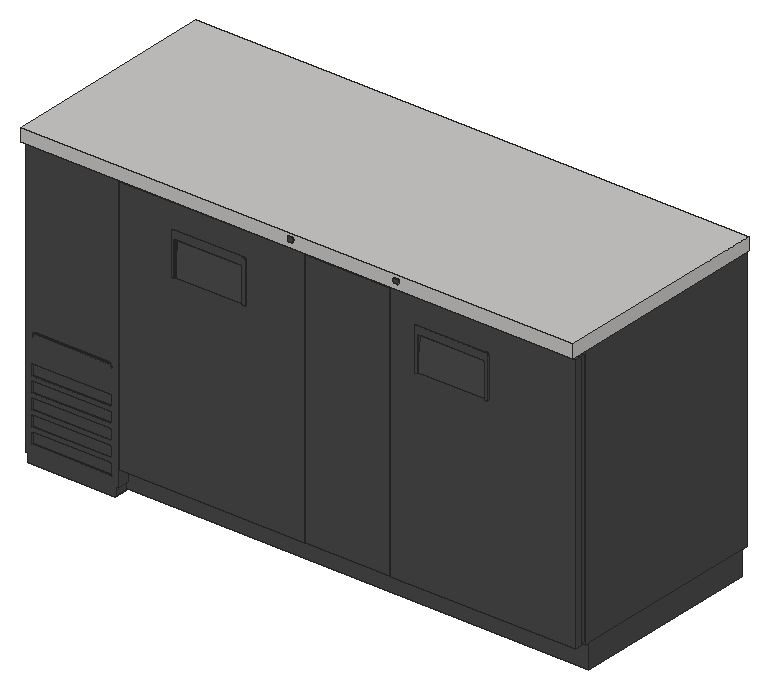
Revit family "QF_EVEREST_EBB69", category Specialty Equipment, Revit 2015 (continued)
Definition of nested family "EBB69"
  Automatic sketch dimensions
    plane 14 to curve 8 = 1 mm
    curve 7 to plane 12 = 272.474 mm
    curve 8 to plane 5 "FRONT" = 17.5 mm
    curve 7 to curve 6 = 0 mm
    curve 6 to curve 8 = 269.53 mm
    curve 8 to curve 5 = 83.285 mm
    plane 14 to curve 5 = 7.292 mm
    Extrusion 10 to Extrusion 11 sketch curve = 24.498 mm
    Extrusion 10 to Extrusion 11 sketch curve = 345.456 mm
    Extrusion 11 sketch curve to Extrusion 11 sketch curve = 7.434 mm
    Extrusion 11 sketch curve to Extrusion 11 sketch curve = 2.566 mm  (x2)
    Extrusion 11 sketch curve to Extrusion 11 sketch curve = 7.436 mm  (x2)
    Extrusion 10 to Extrusion 11 sketch curve = 19.5 mm  (x2)
    Extrusion 11 sketch curve to Extrusion 11 sketch curve = 73.02 mm
    Extrusion 11 sketch curve to Extrusion 11 sketch curve = 5 mm  (x12)
    Extrusion 11 sketch curve to Extrusion 11 sketch curve = 30 mm  (x4)
    Extrusion 11 sketch curve to Extrusion 11 sketch curve = 13 mm  (x4)
    Extrusion 10 to Extrusion 11 sketch curve = 14.5 mm  (x6)
    Extrusion 10 to Extrusion 11 sketch curve = 28 mm
    Extrusion 11 sketch curve to Extrusion 11 sketch curve = 0.002 mm  (x2)
    Extrusion 10 to Extrusion 11 sketch curve = 26.502 mm
    Extrusion 11 sketch curve to Extrusion 11 sketch curve = 0 mm  (x2)
    Split face 1 sketch curve to cut or joined group of Extrusion 10, Extrusion 11 = 7.915 mm
    radius of Extrusion 14 sketch curve = 20 mm
Definition of nested family "CASTERS & LEGS"
  Parameters (values of type "CASTERS & LEGS")
    Weight = ""
    URL Manufacturer = ""
    URL Cutsheet = ""
    URL = ""
    Type Mark [instance] = ""
    Specification by User [instance] = ""
    Specification by Manufacturer = ""
    Show 6"  Legs [instance] = no
    Show 5" Casters [instance] = yes
    Show 3.5 Inches Legs [instance] = no
    Serial Number = ""
    Seismic Rating = ""
    SMACNA No = ""
    Revision Code [instance] = ""
    Omniclass Number and Title = ""
    NAFEM Spec ID Number = ""
    Model = ""
    MasterSpec. = ""
    Manufacturer = ""
    Item Number [instance] = ""
    Installed By [instance] = ""
    Identify Quantity as Lot [instance] = yes
    Furnished By [instance] = ""
    Foodservice Equipment Identifier [instance] = yes
    Description = ""
    CSI MasterFormat = ""
    CSI Master Format = ""
    Assembly Code = ""
    Show 3 Inches Casters [instance] = yes
  Reference planes
    plane 1: z = 0
    plane 2 "RIGHT": x = 0
    plane 3 "FRONT": y = 0
    plane 4 "TOP": z = 127
    plane 5: z = 76.2
  Forms (mm)
    Revolve 1, solid, visible <- "Show 5" Casters"
      sketch origin (-49.224, 25.364, -25.504) x (1, 0, 0) y (0, 0, 1)
        loop
          line (18.81, 76.304) -> (18.81, 74.386) -> (20.08, 73.116) -> (21.604, 73.116) -> (21.604, 70.067) -> (31.369, 70.067) -> (31.369, 65.181) -> (34.939, 63.12) -> (37.88, 44.951) -> (34.131, 44.951) -> (34.131, 38.998) -> (34.925, 38.998) -> (34.925, 25.504) -> (63.103, 25.504) -> (63.103, 38.998) -> (63.897, 38.998) -> (63.897, 44.951) -> (60.148, 44.951) -> (63.103, 63.209) -> (66.659, 65.262) -> (66.659, 70.067) -> (77.218, 70.067) -> (77.218, 73.116) -> (78.742, 73.116) -> (80.012, 74.386) -> (80.012, 76.304) -> (18.81, 76.304)
        axis (18.81, 76.304) -> (80.012, 76.304)
      angle from 0 to 360
    Extrusion 2, solid, visible <- "Show 5" Casters"
      sketch origin (-49.224, 49.87, -19.154) x (0, 1, 0) y (0, 0, 1)
        loop
          line (-85.786, 135.49) -> (-85.786, 125.149) -> (-63.321, 125.149)
          arc (-63.321, 125.149) -> (-37.391, 124.905) -> (-11.779, 120.85) r 175.807
          arc (-11.779, 120.85) -> (3.607, 115.163) -> (17.14, 105.894) r 66.729
          line (17.14, 105.894) -> (20.005, 109.985)
          arc (20.005, 109.985) -> (12.217, 116.012) -> (3.375, 120.348) r 48.686
          line (3.375, 120.348) -> (5.384, 123.823)
          arc (5.384, 123.823) -> (-4.003, 127.534) -> (-13.953, 129.229) r 48.686
          line (-13.953, 129.229) -> (-13.953, 135.49) -> (-85.786, 135.49)
      from 29.809 to 68.639
    Revolve 3, solid, visible <- "Show 5" Casters"
      sketch origin (0, 54.748, -31.75) x (0, 1, 0) y (0, 0, 1)
        loop
          line (-56.335, 158.75) -> (-56.335, 148.085) -> (-26.871, 148.085) -> (-26.871, 158.75) -> (-56.335, 158.75)
        axis (-56.335, 148.085) -> (-56.335, 158.75)
      angle from 0 to 360
    Extrusion 4, solid, visible <- "Show 5" Casters"
      sketch origin (-50.414, 49.87, -19.154) x (0, 1, 0) y (0, 0, 1)
        loop
          line (-85.786, 135.49) -> (-85.786, 125.149) -> (-79.594, 125.149)
          arc (-79.594, 125.149) -> (-54.006, 99.703) -> (-39.582, 66.626) r 96.297
          arc (-39.582, 66.626) -> (-20.695, 54.419) -> (-8.07, 73.029) r 16.082
          arc (-8.07, 73.029) -> (-0.57, 93.403) -> (17.434, 105.537) r 35.307
          line (17.434, 105.537) -> (20.005, 109.985)
          arc (20.005, 109.985) -> (12.217, 116.012) -> (3.375, 120.348) r 48.686
          line (3.375, 120.348) -> (5.384, 123.823)
          arc (5.384, 123.823) -> (-4.003, 127.534) -> (-13.953, 129.229) r 48.686
          line (-13.953, 129.229) -> (-13.953, 135.49) -> (-85.786, 135.49)
      from 69.829 to 73.87
    Extrusion 5, solid, visible <- "Show 5" Casters"
      sketch origin (50.414, 49.87, -19.154) x (0, 1, 0) y (0, 0, -1)
        loop
          line (-85.786, -135.49) -> (-13.953, -135.49) -> (-13.953, -129.229)
          arc (-13.953, -129.229) -> (-4.003, -127.534) -> (5.384, -123.823) r 48.686
          line (5.384, -123.823) -> (3.375, -120.348)
          arc (3.375, -120.348) -> (12.217, -116.012) -> (20.005, -109.985) r 48.686
          line (20.005, -109.985) -> (17.434, -105.537)
          arc (17.434, -105.537) -> (-0.57, -93.403) -> (-8.07, -73.029) r 35.307
          arc (-8.07, -73.029) -> (-20.695, -54.419) -> (-39.582, -66.626) r 16.082
          arc (-39.582, -66.626) -> (-54.006, -99.703) -> (-79.594, -125.149) r 96.297
          line (-79.594, -125.149) -> (-85.786, -125.149) -> (-85.786, -135.49)
      from 69.829 to 73.87
    Extrusion 6, solid, visible <- "Show 5" Casters"
      sketch origin (-24.606, 52.001, -14.628) x (0, 1, 0) y (0, 0, -1)
        loop
          line (-65.658, -51.806) -> (-48.06, -61.966) -> (-38.931, -67.237)
          arc (-38.931, -67.237) -> (-36.934, -70.238) -> (-35.227, -73.414) r 38.511
          arc (-35.227, -73.414) -> (-28.855, -79.511) -> (-20.232, -81.358) r 16.169
          arc (-20.232, -81.358) -> (-17.043, -81.321) -> (-13.877, -81.702) r 24.356
          line (-13.877, -81.702) -> (5.921, -93.132) -> (10.917, -84.478)
          arc (10.917, -84.478) -> (11.804, -78.832) -> (8.674, -74.049) r 7.95
          line (8.674, -74.049) -> (5.356, -77.367)
          arc (5.356, -77.367) -> (6.116, -79.837) -> (3.628, -80.537) r 1.806
          line (3.628, -80.537) -> (-13.41, -70.697)
          arc (-13.41, -70.697) -> (-15.803, -63.781) -> (-9.299, -60.428) r 5.588
          arc (-9.299, -60.428) -> (-8.725, -59.868) -> (-8.601, -59.076) r 1.27
          arc (-8.601, -59.076) -> (-12.712, -53.586) -> (-19.178, -51.298) r 11.834
          line (-19.178, -51.298) -> (-37.992, -51.298)
          arc (-37.992, -51.298) -> (-40.049, -51.027) -> (-41.967, -50.233) r 7.95
          line (-41.967, -50.233) -> (-52.169, -44.343)
          arc (-52.169, -44.343) -> (-58.202, -43.549) -> (-63.029, -47.253) r 7.95
          line (-63.029, -47.253) -> (-65.658, -51.806)
      from 0 to 1.588
    Extrusion 7, solid, visible <- "Show 5" Casters"
      sketch origin (-24.606, 52.001, -14.628) x (0, 1, 0) y (0, 0, -1)
        loop
          line (-11.606, -67.574) -> (11.954, -81.173)
          arc (11.954, -81.173) -> (11.253, -77.179) -> (8.674, -74.049) r 7.95
          line (8.674, -74.049) -> (-9.311, -64.367)
          arc (-9.311, -64.367) -> (-12.227, -64.705) -> (-11.606, -67.574) r 1.981
      from 0 to 12.7
    Extrusion 8, solid, visible <- "Show 5" Casters"
      sketch origin (24.606, 52.001, -14.628) x (0, 1, 0) y (0, 0, 1)
        loop
          line (-65.658, 51.806) -> (-63.029, 47.253)
          arc (-63.029, 47.253) -> (-58.202, 43.549) -> (-52.169, 44.343) r 7.95
          line (-52.169, 44.343) -> (-41.967, 50.233)
          arc (-41.967, 50.233) -> (-40.049, 51.027) -> (-37.992, 51.298) r 7.95
          line (-37.992, 51.298) -> (-19.178, 51.298)
          arc (-19.178, 51.298) -> (-12.712, 53.586) -> (-8.601, 59.076) r 11.834
          arc (-8.601, 59.076) -> (-8.725, 59.868) -> (-9.299, 60.428) r 1.27
          arc (-9.299, 60.428) -> (-15.803, 63.781) -> (-13.41, 70.697) r 5.588
          line (-13.41, 70.697) -> (3.628, 80.537)
          arc (3.628, 80.537) -> (6.116, 79.837) -> (5.356, 77.367) r 1.806
          line (5.356, 77.367) -> (8.674, 74.049)
          arc (8.674, 74.049) -> (11.804, 78.832) -> (10.917, 84.478) r 7.95
          line (10.917, 84.478) -> (5.921, 93.132) -> (-13.877, 81.702)
          arc (-13.877, 81.702) -> (-17.043, 81.321) -> (-20.232, 81.358) r 24.356
          arc (-20.232, 81.358) -> (-28.855, 79.511) -> (-35.227, 73.414) r 16.169
          arc (-35.227, 73.414) -> (-36.934, 70.238) -> (-38.931, 67.237) r 38.511
          line (-38.931, 67.237) -> (-48.06, 61.966) -> (-65.658, 51.806)
      from 0 to 1.588
    Extrusion 9, solid, visible <- "Show 5" Casters"
      sketch origin (24.606, 52.001, -14.628) x (0, 1, 0) y (0, 0, 1)
        loop
          arc (-11.606, 67.574) -> (-12.227, 64.705) -> (-9.311, 64.367) r 1.981
          line (-9.311, 64.367) -> (8.674, 74.049)
          arc (8.674, 74.049) -> (11.253, 77.179) -> (11.954, 81.173) r 7.95
          line (11.954, 81.173) -> (-11.606, 67.574)
      from 0 to 12.7
    Revolve 10, solid, visible <- "Show 6"  Legs"
      sketch origin (0, 282.492, 0) x (0, -1, 0) y (0, 0, -1)
        loop
          line (282.492, -152.4) -> (282.492, 0) -> (269.792, 0) -> (269.792, -33.086) -> (263.442, -33.086) -> (263.442, -152.4) -> (282.492, -152.4)
        axis (282.492, 0) -> (282.492, -152.4)
      angle from 0 to 360
    Revolve 11, solid, visible <- "Show 3 Inches Casters"
      sketch origin (-49.224, 14.225, -25.504) x (1, 0, 0) y (0, 0, 1)
        loop
          line (18.81, 53.682) -> (18.81, 51.765) -> (20.08, 50.495) -> (21.604, 50.495) -> (21.604, 47.445) -> (31.369, 47.445) -> (31.369, 43.353) -> (34.656, 41.455) -> (35.568, 35.823) -> (34.131, 35.823) -> (34.131, 32.648) -> (34.925, 32.648) -> (34.925, 25.504) -> (63.103, 25.504) -> (63.103, 32.648) -> (63.897, 32.648) -> (63.897, 35.823) -> (62.461, 35.823) -> (63.387, 41.544) -> (66.659, 43.434) -> (66.659, 47.445) -> (77.218, 47.445) -> (77.218, 50.495) -> (78.742, 50.495) -> (80.012, 51.765) -> (80.012, 53.682) -> (18.81, 53.682)
        axis (18.81, 53.682) -> (80.012, 53.682)
      angle from 0 to 360
    Extrusion 12, solid, visible <- "Show 3 Inches Casters"
      sketch origin (-49.224, 34.365, -82.654) x (0, 1, 0) y (0, 0, 1)
        loop
          line (-10.438, 149.046) -> (-10.438, 152.724) -> (-58.291, 152.724) -> (-58.291, 145.096) -> (-46.304, 145.096)
          arc (-46.304, 145.096) -> (-25.478, 142.206) -> (-4.976, 137.538) r 244.683
          arc (-4.976, 137.538) -> (3.212, 134.488) -> (10.725, 130.027) r 48.783
          line (10.725, 130.027) -> (13.034, 133.223)
          arc (13.034, 133.223) -> (6.948, 137.813) -> (0.305, 141.552) r 57.159
          line (0.305, 141.552) -> (2.38, 145.142)
          arc (2.38, 145.142) -> (-3.879, 147.585) -> (-10.438, 149.046) r 43.98
      from 29.809 to 68.639
    Revolve 13, solid, visible <- "Show 3 Inches Casters"
      sketch origin (0, 44.16, -82.55) x (0, 1, 0) y (0, 0, 1)
        loop
          line (-44.16, 158.75) -> (-44.16, 152.62) -> (-23.696, 152.62) -> (-23.696, 158.75) -> (-44.16, 158.75)
        axis (-44.16, 152.62) -> (-44.16, 158.75)
      angle from 0 to 360
    Extrusion 14, solid, visible <- "Show 3 Inches Casters"
      sketch origin (-50.414, 34.365, -44.554) x (0, 1, 0) y (0, 0, 1)
        loop
          line (-58.291, 114.624) -> (-58.291, 106.996) -> (-56.068, 106.996)
          arc (-56.068, 106.996) -> (-40.334, 98.348) -> (-33.282, 81.837) r 27.521
          arc (-33.282, 81.837) -> (-32.335, 75.873) -> (-30.382, 70.158) r 35.169
          arc (-30.382, 70.158) -> (-19.737, 63.435) -> (-9.498, 70.763) r 11.278
          arc (-9.498, 70.763) -> (-9.015, 72.239) -> (-8.655, 73.751) r 18.805
          arc (-8.655, 73.751) -> (-1.855, 86.085) -> (10.869, 92.126) r 22.956
          line (10.869, 92.126) -> (13.034, 95.123)
          arc (13.034, 95.123) -> (6.948, 99.713) -> (0.305, 103.452) r 57.159
          line (0.305, 103.452) -> (2.38, 107.042)
          arc (2.38, 107.042) -> (-3.879, 109.485) -> (-10.438, 110.946) r 43.98
          line (-10.438, 110.946) -> (-10.438, 114.624) -> (-58.291, 114.624)
      from 69.829 to 73.87
    Extrusion 15, solid, visible <- "Show 3 Inches Casters"
      sketch origin (50.414, 34.365, -44.554) x (0, 1, 0) y (0, 0, -1)
        loop
          line (-58.291, -114.624) -> (-10.438, -114.624) -> (-10.438, -110.946)
          arc (-10.438, -110.946) -> (-3.879, -109.485) -> (2.38, -107.042) r 43.98
          line (2.38, -107.042) -> (0.305, -103.452)
          arc (0.305, -103.452) -> (6.948, -99.713) -> (13.034, -95.123) r 57.159
          line (13.034, -95.123) -> (10.869, -92.126)
          arc (10.869, -92.126) -> (-1.855, -86.085) -> (-8.655, -73.751) r 22.956
          arc (-8.655, -73.751) -> (-9.015, -72.239) -> (-9.498, -70.763) r 18.805
          arc (-9.498, -70.763) -> (-19.737, -63.435) -> (-30.382, -70.158) r 11.278
          arc (-30.382, -70.158) -> (-32.335, -75.873) -> (-33.282, -81.837) r 35.169
          arc (-33.282, -81.837) -> (-40.334, -98.348) -> (-56.068, -106.996) r 27.521
          line (-56.068, -106.996) -> (-58.291, -106.996) -> (-58.291, -114.624)
      from 69.829 to 73.87
    Extrusion 16, solid, visible <- "Show 3 Inches Casters"
      sketch origin (24.819, 39.348, -36.588) x (0, 1, 0) y (0, 0, 1)
        loop
          line (-60.957, 53.273) -> (-58.619, 49.223)
          arc (-58.619, 49.223) -> (-54.325, 45.929) -> (-48.96, 46.635) r 7.071
          line (-48.96, 46.635) -> (-39.885, 51.874)
          arc (-39.885, 51.874) -> (-38.18, 52.581) -> (-36.35, 52.821) r 7.071
          line (-36.35, 52.821) -> (-19.616, 52.821)
          arc (-19.616, 52.821) -> (-13.865, 54.856) -> (-10.208, 59.74) r 10.526
          arc (-10.208, 59.74) -> (-10.319, 60.444) -> (-10.829, 60.942) r 1.13
          arc (-10.829, 60.942) -> (-16.615, 63.925) -> (-14.486, 70.076) r 4.97
          line (-14.486, 70.076) -> (0.668, 78.828)
          arc (0.668, 78.828) -> (2.882, 78.206) -> (2.205, 76.008) r 1.606
          line (2.205, 76.008) -> (5.156, 73.057)
          arc (5.156, 73.057) -> (7.94, 77.311) -> (7.151, 82.333) r 7.071
          line (7.151, 82.333) -> (2.707, 90.03) -> (-14.901, 79.864)
          arc (-14.901, 79.864) -> (-17.717, 79.525) -> (-20.553, 79.558) r 21.663
          arc (-20.553, 79.558) -> (-28.223, 77.915) -> (-33.891, 72.492) r 14.381
          arc (-33.891, 72.492) -> (-35.409, 69.668) -> (-37.186, 66.998) r 34.253
          line (-37.186, 66.998) -> (-45.305, 62.31) -> (-60.957, 53.273)
      from 0 to 1.588
    Extrusion 17, solid, visible <- "Show 3 Inches Casters"
      sketch origin (31.169, 39.348, -36.588) x (0, 1, 0) y (0, 0, 1)
        loop
          arc (5.156, 73.057) -> (7.601, 76.193) -> (7.967, 80.153) r 7.071
          line (7.967, 80.153) -> (-7.704, 68.88)
          arc (-7.704, 68.88) -> (-8.173, 66.006) -> (-5.299, 65.537) r 2.059
          line (-5.299, 65.537) -> (5.156, 73.057)
      from -6.35 to 12.7
    Extrusion 18, solid, visible <- "Show 3 Inches Casters"
      sketch origin (-24.819, 39.348, -36.588) x (0, 1, 0) y (0, 0, -1)
        loop
          line (-60.957, -53.273) -> (-45.305, -62.31) -> (-37.186, -66.998)
          arc (-37.186, -66.998) -> (-35.409, -69.668) -> (-33.891, -72.492) r 34.253
          arc (-33.891, -72.492) -> (-28.223, -77.915) -> (-20.553, -79.558) r 14.381
          arc (-20.553, -79.558) -> (-17.717, -79.525) -> (-14.901, -79.864) r 21.663
          line (-14.901, -79.864) -> (2.707, -90.03) -> (7.151, -82.333)
          arc (7.151, -82.333) -> (7.94, -77.311) -> (5.156, -73.057) r 7.071
          line (5.156, -73.057) -> (2.205, -76.008)
          arc (2.205, -76.008) -> (2.882, -78.206) -> (0.668, -78.828) r 1.606
          line (0.668, -78.828) -> (-14.486, -70.076)
          arc (-14.486, -70.076) -> (-16.615, -63.925) -> (-10.829, -60.942) r 4.97
          arc (-10.829, -60.942) -> (-10.319, -60.444) -> (-10.208, -59.74) r 1.13
          arc (-10.208, -59.74) -> (-13.865, -54.856) -> (-19.616, -52.821) r 10.526
          line (-19.616, -52.821) -> (-36.35, -52.821)
          arc (-36.35, -52.821) -> (-38.18, -52.581) -> (-39.885, -51.874) r 7.071
          line (-39.885, -51.874) -> (-48.96, -46.635)
          arc (-48.96, -46.635) -> (-54.325, -45.929) -> (-58.619, -49.223) r 7.071
          line (-58.619, -49.223) -> (-60.957, -53.273)
      from 0 to 1.588
    Extrusion 19, solid, visible <- "Show 3 Inches Casters"
      sketch origin (-31.169, 39.348, -36.588) x (0, 1, 0) y (0, 0, -1)
        loop
          line (5.156, -73.057) -> (-5.299, -65.537)
          arc (-5.299, -65.537) -> (-8.173, -66.006) -> (-7.704, -68.88) r 2.059
          line (-7.704, -68.88) -> (7.967, -80.153)
          arc (7.967, -80.153) -> (7.601, -76.193) -> (5.156, -73.057) r 7.071
      from -6.35 to 12.7
    Revolve 20, solid, visible <- "Show 3.5 Inches Legs"
      sketch origin (0, 282.492, 0) x (0, -1, 0) y (0, 0, -1)
        loop
          line (282.492, -88.9) -> (282.492, 0) -> (269.792, 0) -> (269.792, -33.086) -> (263.442, -33.086) -> (263.442, -88.9) -> (282.492, -88.9)
        axis (282.492, 0) -> (282.492, -88.9)
      angle from 0 to 360
  Cuts and joins
    joined: Extrusion 2, Extrusion 4, Extrusion 5
  Lines and regions (mm)
    symbolic lines, visible <- "Show 5" Casters"
      curve 1: line (13.783, 56.222, 0) -> (38.186, 42.133, 0)
      curve 2: line (-37.017, -31.766, 0) -> (-17.967, 1.23, 0)
      curve 3: line (-12.614, -45.855, 0) -> (-37.017, -31.766, 0)
      curve 4: line (38.186, 42.133, 0) -> (19.136, 9.138, 0)
      curve 5: line (-5.267, 23.227, 0) -> (13.783, 56.222, 0)
      curve 6: line (6.436, -12.859, 0) -> (-12.614, -45.855, 0)
    symbolic lines, visible <- "Show 3 Inches Casters"
      curve 7: line (7.149, 35.609, 0) -> (25.003, 25.301, 0)
      curve 8: line (-23.063, -16.719, 0) -> (-14.698, -2.23, 0)
      curve 9: line (-5.209, -27.027, 0) -> (-23.063, -16.719, 0)
      curve 10: line (25.003, 25.301, 0) -> (12.362, 3.406, 0)
      curve 11: line (-5.551, 13.612, 0) -> (7.149, 35.609, 0)
      curve 12: line (2.837, -13.092, 0) -> (-5.209, -27.027, 0)
  Dimensions and locks
    plane 4 "TOP" to level = 127 mm  (x2)
    locked: Revolve 10 sketch curve to Revolve 10 sketch curve at 33.086
    locked: Revolve 10 sketch curve to Revolve 10 sketch curve at 19.05
    Revolve 20 sketch curve to level = 88.9 mm
    plane 5 to level = 76.2 mm
    aligned and locked: level to plane 1
